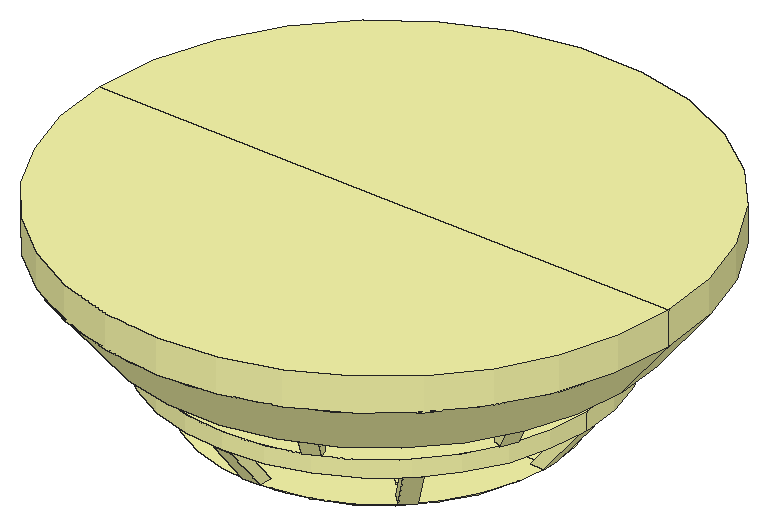
Revit family "FA_Floor Void Smoke Detector with Led Indicator", category Fire Alarm Devices, Revit 2013
Parameters
  Red Glass = Red Glass
Reference planes
  plane 1 "Center (Front/Back)": y = 0
  plane 2: z = 0
  plane 3 "Center (Left/Right)": x = 0
  plane 4 "Bot": z = -35
  plane 5 "Mid": z = -25
Forms (mm)
  Revolve 1, solid, material "Face Plate"
    sketch origin (0, 0, 0) x (-1, 0, 0) y (0, 0, -1)
      loop
        line (-52, 0) -> (0, 0) -> (0, 16.323) -> (-43.664, 16.323) -> (-52, 6) -> (-52, 0)
      axis (0, 0) -> (0, 16.323)
    angle from 0 to 360
  Revolve 2, solid, material "Face Plate"
    sketch origin (0, 0, 11) x (1, 0, 0) y (0, 0, 1)
      loop
        arc (19.647, -44.075) -> (25.02, -46.008) -> (30.393, -44.075) r 8.435
        line (30.393, -44.075) -> (19.647, -44.075)
      axis (0, -44.075) -> (0, -45.075)
    angle from 0 to 360
  Extrusion 3, solid, material "Face Plate"
    sketch origin (0, 0, -35) x (-1, 0, 0) y (0, -1, 0)
      loop
        circle (0, 0) r 7
      loop
        circle (0, 0) r 5
    from 0 to 2
  Extrusion 4, solid, material "Face Plate"
    sketch origin (0, 0, -35) x (-1, 0, 0) y (0, -1, 0)
      loop
        line (-6.928, -1) -> (-6.928, 1) -> (-24.218, 1) -> (-24.218, -1) -> (-6.928, -1)
    from 0 to 2
  Extrusion 5, solid, material "Face Plate"
    sketch origin (0, 0, -35) x (-0.707107, 0.707107, 0) y (-0.707107, -0.707107, 0)
      loop
        line (-6.928, -1) -> (-6.928, 1) -> (-24.218, 1) -> (-24.218, -1) -> (-6.928, -1)
    from 0 to 2
  Extrusion 6, solid, material "Face Plate"
    sketch origin (0, 0, -35) x (-0.707107, -0.707107, 0) y (0.707107, -0.707107, 0)
      loop
        line (-6.928, -1) -> (-6.928, 1) -> (-24.218, 1) -> (-24.218, -1) -> (-6.928, -1)
    from 0 to 2
  Extrusion 7, solid, material "Face Plate"
    sketch origin (0, 0, -35) x (0, -1, 0) y (1, 0, 0)
      loop
        line (-6.928, -1) -> (-6.928, 1) -> (-24.218, 1) -> (-24.218, -1) -> (-6.928, -1)
    from 0 to 2
  Extrusion 8, solid, material "Face Plate"
    sketch origin (0, 0, -35) x (0.707107, -0.707107, 0) y (0.707107, 0.707107, 0)
      loop
        line (-6.928, -1) -> (-6.928, 1) -> (-24.218, 1) -> (-24.218, -1) -> (-6.928, -1)
    from 0 to 2
  Extrusion 9, solid, material "Face Plate"
    sketch origin (0, 0, -35) x (1, 0, 0) y (0, 1, 0)
      loop
        line (-6.928, -1) -> (-6.928, 1) -> (-24.218, 1) -> (-24.218, -1) -> (-6.928, -1)
    from 0 to 2
  Extrusion 10, solid, material "Face Plate"
    sketch origin (0, 0, -35) x (0.707107, 0.707107, 0) y (-0.707107, 0.707107, 0)
      loop
        line (-6.928, -1) -> (-6.928, 1) -> (-24.218, 1) -> (-24.218, -1) -> (-6.928, -1)
    from 0 to 2
  Extrusion 11, solid, material "Face Plate"
    sketch origin (0, 0, -35) x (0, 1, 0) y (-1, 0, 0)
      loop
        line (-6.928, -1) -> (-6.928, 1) -> (-24.218, 1) -> (-24.218, -1) -> (-6.928, -1)
    from 0 to 2
  Extrusion 12, solid, material "Red Glass"
    sketch origin (0, 0, -35) x (-1, 0, 0) y (0, -1, 0)
      loop
        circle (0, 0) r 5
    from -1 to 2
  Extrusion 13, solid, material "Face Plate"
    sketch origin (0, 0, -25) x (-1, 0, 0) y (0, -1, 0)
      loop
        circle (0, 0) r 37
    from 0 to 3
  Extrusion 14, solid, material "Face Plate"
    sketch origin (0, 0, 0) x (0.92388, -0.382683, 0) y (0, 0, 1)
      loop
        line (-37, -22) -> (-35.547, -22) -> (-35.547, -16.323) -> (-40.547, -16.323) -> (-37, -22)
    from -1.5 to 1.5
  Extrusion 15, solid, material "Face Plate"
    sketch origin (0, 0, 0) x (0.382683, -0.92388, 0) y (0, 0, 1)
      loop
        line (-37, -22) -> (-35.547, -22) -> (-35.547, -16.323) -> (-40.547, -16.323) -> (-37, -22)
    from -1.5 to 1.5
  Extrusion 16, solid, material "Face Plate"
    sketch origin (0, 0, 0) x (0.92388, 0.382683, 0) y (0, 0, 1)
      loop
        line (-37, -22) -> (-35.547, -22) -> (-35.547, -16.323) -> (-40.547, -16.323) -> (-37, -22)
    from -1.5 to 1.5
  Extrusion 17, solid, material "Face Plate"
    sketch origin (0, 0, 0) x (0.382683, 0.92388, 0) y (0, 0, 1)
      loop
        line (-37, -22) -> (-35.547, -22) -> (-35.547, -16.323) -> (-40.547, -16.323) -> (-37, -22)
    from -1.5 to 1.5
  Extrusion 18, solid, material "Face Plate"
    sketch origin (0, 0, 0) x (-0.382683, 0.92388, 0) y (0, 0, 1)
      loop
        line (-37, -22) -> (-35.547, -22) -> (-35.547, -16.323) -> (-40.547, -16.323) -> (-37, -22)
    from -1.5 to 1.5
  Extrusion 19, solid, material "Face Plate"
    sketch origin (0, 0, 0) x (-0.92388, 0.382683, 0) y (0, 0, 1)
      loop
        line (-37, -22) -> (-35.547, -22) -> (-35.547, -16.323) -> (-40.547, -16.323) -> (-37, -22)
    from -1.5 to 1.5
  Extrusion 20, solid, material "Face Plate"
    sketch origin (0, 0, 0) x (-0.92388, -0.382683, 0) y (0, 0, 1)
      loop
        line (-37, -22) -> (-35.547, -22) -> (-35.547, -16.323) -> (-40.547, -16.323) -> (-37, -22)
    from -1.5 to 1.5
  Extrusion 21, solid, material "Face Plate"
    sketch origin (0, 0, 0) x (-0.382683, -0.92388, 0) y (0, 0, 1)
      loop
        line (-37, -22) -> (-35.547, -22) -> (-35.547, -16.323) -> (-40.547, -16.323) -> (-37, -22)
    from -1.5 to 1.5
  Extrusion 22, solid, material "Face Plate"
    sketch origin (0, 0, 0) x (1, 0, 0) y (0, 0, 1)
      loop
        line (-30.393, -33.075) -> (-27.893, -33.075) -> (-34.5, -25) -> (-37, -25) -> (-30.393, -33.075)
    from -1.5 to 1.5
  Extrusion 23, solid, material "Face Plate"
    sketch origin (0, 0, 0) x (0.707107, -0.707107, 0) y (0, 0, 1)
      loop
        line (-30.393, -33.075) -> (-27.893, -33.075) -> (-34.5, -25) -> (-37, -25) -> (-30.393, -33.075)
    from -1.5 to 1.5
  Extrusion 24, solid, material "Face Plate"
    sketch origin (0, 0, 0) x (0.707107, 0.707107, 0) y (0, 0, 1)
      loop
        line (-30.393, -33.075) -> (-27.893, -33.075) -> (-34.5, -25) -> (-37, -25) -> (-30.393, -33.075)
    from -1.5 to 1.5
  Extrusion 25, solid, material "Face Plate"
    sketch origin (0, 0, 0) x (0, 1, 0) y (0, 0, 1)
      loop
        line (-30.393, -33.075) -> (-27.893, -33.075) -> (-34.5, -25) -> (-37, -25) -> (-30.393, -33.075)
    from -1.5 to 1.5
  Extrusion 26, solid, material "Face Plate"
    sketch origin (0, 0, 0) x (-0.707107, 0.707107, 0) y (0, 0, 1)
      loop
        line (-30.393, -33.075) -> (-27.893, -33.075) -> (-34.5, -25) -> (-37, -25) -> (-30.393, -33.075)
    from -1.5 to 1.5
  Extrusion 27, solid, material "Face Plate"
    sketch origin (0, 0, 0) x (-1, 0, 0) y (0, 0, 1)
      loop
        line (-30.393, -33.075) -> (-27.893, -33.075) -> (-34.5, -25) -> (-37, -25) -> (-30.393, -33.075)
    from -1.5 to 1.5
  Extrusion 28, solid, material "Face Plate"
    sketch origin (0, 0, 0) x (-0.707107, -0.707107, 0) y (0, 0, 1)
      loop
        line (-30.393, -33.075) -> (-27.893, -33.075) -> (-34.5, -25) -> (-37, -25) -> (-30.393, -33.075)
    from -1.5 to 1.5
  Extrusion 29, solid, material "Face Plate"
    sketch origin (0, 0, 0) x (0, -1, 0) y (0, 0, 1)
      loop
        line (-30.393, -33.075) -> (-27.893, -33.075) -> (-34.5, -25) -> (-37, -25) -> (-30.393, -33.075)
    from -1.5 to 1.5
Cuts and joins
  joined: Extrusion 3, Extrusion 7, Extrusion 8
  joined: Extrusion 9, Extrusion 10
  joined: Extrusion 5, Extrusion 11
  joined: Extrusion 4, Extrusion 6
Nested families
  nested 1: "FA_SD_FV" at (0, 0, 0), type "FA_SD_FV"
Definition of nested family "FA_SD_FV"
  Reference planes
    plane 1: y = 0
    plane 2: x = 0
  Lines and regions (mm)
    detail lines, style "Fire Alarm Symbols"
      curve 1: circle (0, 0, 0) r 1.5 normal (0, 0, 1)
  Text (mm)
    text "S" at (0.012, 1.567, 0)
    text "FV" at (3.105, 3.135, 0)
